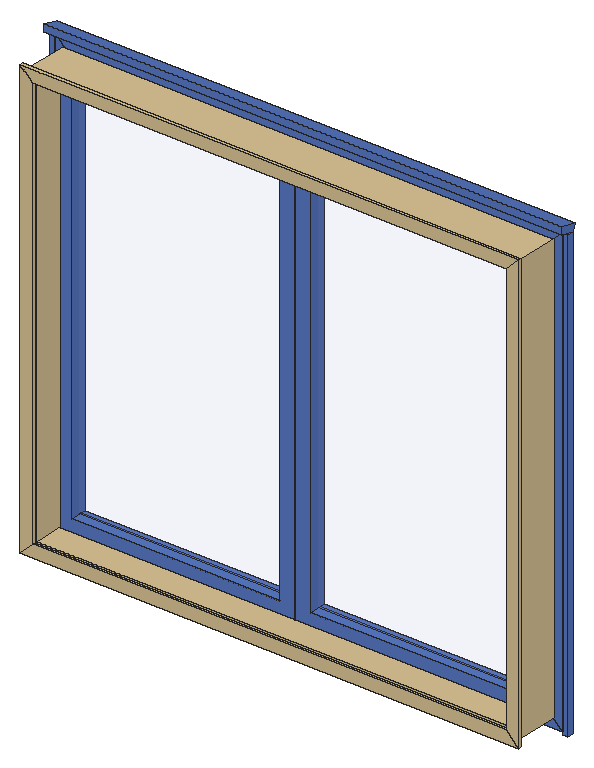
Revit family "GNW_A3-AW-11-Timber-Architrave-(NZ)", category Windows, host Wall, Revit 2016
Family settings
  Host = Wall
  Always vertical = Yes
  Cut with Voids When Loaded = No
  Shared = No
  Room Calculation Point = No
Parameters (values of type "1400 x 1600 Timber")
  Structural Tolerance = 5 mm
  Rough Width = Width + (2 * Structural Tolerance)  # 1610 mm
  Packer = 25 mm
  Operation = "DoublePanelVertical"
  Keynote = "45-13-006"
  JambRebate = 20 mm
  Height [instance] = 1400 mm
  Wall Closure = By host
  Width = 1600 mm
  CoverBd_Width = 45 mm
  CoverBd_Offset = 5 mm
  Construction Type = "Timber"
  Assembly Code = ""
Types (5, lengths in mm): name | Rough Width | Keynote | Height | Width
  1400 x 1200 Timber | 1210 | "45-13-005" | 1400 | 1200
  1200 x 1000 Timber | 1010 | "45-13-003" | 1200 | 1000
  1400 x 1600 Timber | 1610 | "45-13-006" | 1400 | 1600
  1200 x 1800 Timber | 1810 | "45-13-004" | 1200 | 1800
  1000 x 1200 Timber | 1210 | "45-13-002" | 1000 | 1200
Reference planes
  plane 1: y = 0
  plane 2 "Center (Left/Right)": x = 18.689
  plane 3 "Frame Left": x = -781.311
  plane 4 "Frame Right": x = 818.689
  plane 5 "Sill": z = 709.8
  plane 6 "Frame Head": z = 2109.8
  plane 7 "Exterior": y = 75
  plane 8 "Interior": y = -75
  plane 9: y = 20
  plane 10: z = 1949.8
  plane 11: y = -75
  plane 12 "Glassline": y = 50
  plane 13: y = 75
  plane 14: z = 2145
  plane 15 "JambRebate": z = 729.8
  plane 16: z = 724.8
  plane 17 "BottomOfScriber": z = 669.8
  plane 18 "Structural Tolerance L": x = -786.311
  plane 19 "Structural Tolerance R": x = 823.689
  plane 20 "Structural Tolerance T": z = 2114.8
  plane 21: x = -371.64
  plane 22: x = 409.019
  plane 23: x = -761.969
  plane 24: x = 799.348
  plane 25: y = 20
  plane 26: x = -811.311
  plane 27: x = 848.689
Forms (mm)
  Sweep 1, solid, detail levels medium+fine
    path origin (0, 75, 0) x (1, 0, 0) y (0, 0, 1)
      loop
        line (818.689, 709.8) -> (818.689, 2109.8) -> (-781.311, 2109.8) -> (-781.311, 709.8) -> (818.689, 709.8)
    profile origin (18.689, 75, 0) x (0, 0, -1) y (0, -1, 0)
      loop
        line (-709.141, 0) -> (-709.141, 150) -> (-741.141, 150) -> (-741.141, 55) -> (-729.141, 55) -> (-729.141, 0) -> (-709.141, 0)
  Sweep 2, solid, detail levels fine
    path origin (0, -75, 0) x (1, 0, 0) y (0, 0, 1)
      loop
        line (-749.969, 741.141) -> (787.348, 741.141) -> (787.348, 2078.458) -> (-749.969, 2078.458) -> (-749.969, 741.141)
    profile origin (18.689, -75, 0) x (0, 0, 1) y (0, -1, 0)
      loop
        line (736.141, 0) -> (736.141, 10) -> (696.141, 10) -> (696.141, 0) -> (736.141, 0)
  Extrusion 3, solid, detail levels medium+fine
    sketch origin (0, 75, 0) x (1, 0, 0) y (0, 0, 1)
      loop
        line (799.348, 729.141) -> (799.348, 2090.458) -> (18.689, 2090.458) -> (18.689, 729.141) -> (799.348, 729.141)
      loop
        line (749.348, 779.141) -> (749.348, 2040.458) -> (68.689, 2040.458) -> (68.689, 779.141) -> (749.348, 779.141)
    from 0 to 55
  Sweep 4, solid, detail levels medium+fine
    path origin (0, 75, 0) x (1, 0, 0) y (0, 0, 1)
      loop
        line (818.689, 709.8) -> (818.689, 2109.8) -> (-781.311, 2109.8) -> (-781.311, 709.8) -> (818.689, 709.8)
    profile origin (18.689, 75, 0) x (0, 0, -1) y (0, -1, 0)
      loop
        line (-679.8, 0) -> (-724.8, 0) -> (-724.8, -15) -> (-679.8, -15) -> (-679.8, 0)
  Sweep 5, solid, detail levels medium+fine
    path origin (0, 75, 0) x (1, 0, 0) y (0, 0, 1)
      loop
        line (863.689, 2139.8) -> (-826.311, 2139.8)
    profile origin (18.689, 0, 0) x (0, 0, -1) y (0, -1, 0)
      loop
        line (-2136.618, -96.876) -> (-2149.178, -50) -> (-2174.178, -50) -> (-2159.943, -103.126) -> (-2136.618, -96.876)
  Extrusion 6, solid, detail levels medium+fine
    sketch origin (0, 0, 669.8) x (0, 1, 0) y (-1, 0, 0)
      loop
        line (75, 811.311) -> (95, 811.311) -> (95, 826.311) -> (75, 826.311) -> (75, 811.311)
    from 0 to 1470
  Extrusion 7, solid, detail levels medium+fine
    sketch origin (0, 0, 669.8) x (0, 1, 0) y (-1, 0, 0)
      loop
        line (75, -848.689) -> (75, -863.689) -> (95, -863.689) -> (95, -848.689) -> (75, -848.689)
    from 0 to 1470
  Extrusion 8, solid, detail levels fine
    sketch origin (-480.659, 75, 0) x (1, 0, 0) y (0, 0, 1)
      loop
        line (449.348, 779.141) -> (449.348, 2040.458) -> (-231.311, 2040.458) -> (-231.311, 779.141) -> (449.348, 779.141)
    from 25 to 19
  Extrusion 9, solid, detail levels fine
    sketch origin (100, 95, 0) x (1, 0, 0) y (0, 0, 1)
      loop
        line (649.348, 779.141) -> (649.348, 2040.458) -> (-31.311, 2040.458) -> (-31.311, 779.141) -> (649.348, 779.141)
    from 45 to 39
  Extrusion 10, solid, detail levels medium+fine
    sketch origin (-480.659, 75, 0) x (1, 0, 0) y (0, 0, 1)
      loop
        line (499.348, 729.141) -> (499.348, 2090.458) -> (-281.311, 2090.458) -> (-281.311, 729.141) -> (499.348, 729.141)
      loop
        line (449.348, 779.141) -> (449.348, 2040.458) -> (-231.311, 2040.458) -> (-231.311, 779.141) -> (449.348, 779.141)
    from 0 to 55
Lines and regions (mm)
  Opening 1
    outline origin (3021.451, -75, 0) x (1, 0, 0) y (0, 0, 1)
      loop
        line (-2197.761, 709.8) -> (-2197.761, 2114.8) -> (-3807.761, 2114.8) -> (-3807.761, 709.8) -> (-2197.761, 709.8)
  symbolic lines, style "Elevation Swing"
    curve 1: line (-761.969, 0, 729.141) -> (-371.64, 0, 1949.8)
    curve 2: line (799.348, 0, 729.141) -> (409.019, 0, 1949.8)
    curve 6: line (18.689, 0, 729.141) -> (-371.64, 0, 1949.8)
    curve 7: line (18.689, 0, 729.141) -> (409.019, 0, 1949.8)
  symbolic lines, style "WindowsGlassProjection", detail levels coarse
    curve 3: line (-781.969, 20, 0) -> (819.348, 20, 0)
  symbolic lines, style "Elevation Swing", detail levels medium
    curve 4: line (409.019, 0, 1949.8) -> (18.689, 0, 729.141)
    curve 5: line (409.019, 0, 1949.8) -> (18.689, 0, 729.141)
  symbolic lines, style "Sash", detail levels coarse
    curve 8: line (-31.311, 75, 0) -> (-31.311, 20, 0)
  symbolic lines, style "Sash", detail levels coarse+medium
    curve 9: line (68.689, 75, 0) -> (68.689, 20, 0)
  symbolic lines, style "Sash", detail levels medium
    curve 10: line (-711.969, 50, 0) -> (-31.311, 50, 0)
    curve 11: line (68.689, 50, 0) -> (749.348, 50, 0)
  symbolic lines, style "WindowsFrameMullionProjection", detail levels coarse
    curve 12: line (819.348, 75, 0) -> (819.348, -75, 0)
    curve 13: line (-781.969, 75, 0) -> (-781.969, -75, 0)
Text (mm)
  text "EXTERIOR" at (-1478.469, 899.698, 0), in view "Ref. Level"
  text "INTERIOR" at (-1428.629, -408.222, 0), in view "Ref. Level"
  text "Exterior" at (0, 923.751, 2943.296), in view "Right"
  text "Exterior" at (0, 1040.484, 2685.409), in view "Left"
Dimensions and locks
  equal spacing: plane 3 "Frame Left", plane 2 "Center (Left/Right)", plane 4 "Frame Right"
  "Width": plane 3 "Frame Left" to plane 4 "Frame Right"
  "Height": plane 5 "Sill" to plane 6 "Frame Head"
  plane 5 "Sill" to level = 709.8 mm
  locked: plane 7 "Exterior" to host wall at 0
  locked: plane 8 "Interior" to host wall
  locked: plane 10 to plane 6 "Frame Head" at 160
  "CoverBd_Width": Sweep 4 to Sweep 4  (x2)
  "JambRebate": plane 5 "Sill" to plane 15 "JambRebate"
  "CoverBd_Offset": plane 16 to plane 15 "JambRebate"
  profile plane to plane 16 = 15 mm
  "CoverBd_Width": Sweep 4 to plane 16
  "Rough Width": plane 18 "Structural Tolerance L" to plane 19 "Structural Tolerance R"
  "Structural Tolerance": plane 6 "Frame Head" to plane 20 "Structural Tolerance T"
  locked: plane 3 "Frame Left" to plane 23 at 19.341
  locked: plane 24 to plane 4 "Frame Right" at 19.341
  equal spacing: plane 23, plane 21, plane 2 "Center (Left/Right)"
  equal spacing: plane 2 "Center (Left/Right)", plane 22, plane 24
  locked: plane 17 "BottomOfScriber" to plane 16 at 55
  locked: plane 25 to plane 7 "Exterior" at 55
  locked: plane 12 "Glassline" to plane 7 "Exterior" at 25
  locked: Extrusion 8 to plane 12 "Glassline" at 6
  locked: Extrusion 9 to Extrusion 9 at 6
  plane 6 "Frame Head" to plane 20 "Structural Tolerance T" = 5 mm
  "Structural Tolerance": plane 18 "Structural Tolerance L" to plane 3 "Frame Left"
  "Packer": plane 26 to plane 18 "Structural Tolerance L"
  "Packer": plane 19 "Structural Tolerance R" to plane 27
  aligned and locked: host wall to Sweep 1 sketch curve
  aligned and locked: plane 8 "Interior" to Sweep 1 sketch curve
  aligned and locked: plane 11 to host wall
  aligned and locked: Sweep 1 to Sweep 2 sketch curve  (x2)
  aligned and locked: Sweep 2 sketch curve to Sweep 1  (x3)
  aligned and locked: plane 13 to host wall
  aligned and locked: Sweep 1 sketch curve to Sweep 1 sketch curve
  aligned and locked: Sweep 1 to Extrusion 3 sketch curve
  aligned and locked: plane 16 to Sweep 4 sketch curve
  aligned and locked: Sweep 4 sketch curve to plane 5 "Sill"
  aligned and locked: Sweep 4 sketch curve to plane 3 "Frame Left"
  aligned and locked: Sweep 1 to curve 3  (x2)
  aligned and locked: Sweep 1 to plane 13  (x2)
  aligned and locked: Sweep 5 sketch curve to plane 12 "Glassline"
  aligned and locked: Sweep 5 sketch curve to Sweep 4
  aligned and locked: Extrusion 6 to Sweep 4
  aligned and locked: Sweep 4 to Extrusion 7
  aligned and locked: Extrusion 6 sketch curve to plane 13
  aligned and locked: plane 13 to Extrusion 7 sketch curve
  aligned and locked: plane 13 to Extrusion 3
  aligned and locked: plane 22 to curve 2
  aligned and locked: plane 21 to curve 1
  aligned and locked: curve 6 to Extrusion 3
  aligned and locked: Sweep 1 to curve 1
  aligned and locked: Sweep 1 to plane 25
  aligned and locked: Extrusion 3 to plane 25
  aligned and locked: plane 12 "Glassline" to Extrusion 8
  aligned and locked: Extrusion 9 to plane 12 "Glassline"
  aligned and locked: plane 25 to Extrusion 3
  aligned and locked: Opening 1 sketch curve to plane 18 "Structural Tolerance L"
  aligned and locked: Opening 1 sketch curve to plane 19 "Structural Tolerance R"
  aligned and locked: plane 20 "Structural Tolerance T" to Opening 1 sketch curve
  aligned and locked: Sweep 1 sketch curve to plane 3 "Frame Left"
  aligned and locked: plane 6 "Frame Head" to Sweep 1 sketch curve
  aligned and locked: plane 4 "Frame Right" to Sweep 1 sketch curve
  aligned and locked: curve 12 to Sweep 1
  aligned and locked: curve 13 to Sweep 1
  aligned and locked: curve 9 to Extrusion 3
Automatic sketch dimensions
  Opening 1 sketch curve to plane 5 "Sill" = 0 mm
  Sweep 1 sketch curve to plane 7 "Exterior" = 0 mm
  profile plane to Sweep 1 sketch curve = 31.341 mm
  profile plane to Sweep 1 sketch curve = 19.341 mm
  Sweep 1 sketch curve to profile plane = 0.659 mm
  plane 7 "Exterior" to Sweep 1 sketch curve = 55 mm
  profile plane to Sweep 2 sketch curve = 45 mm
  profile plane to Sweep 2 sketch curve = 5 mm
  Sweep 2 sketch curve to Sweep 2 sketch curve = 10 mm
  Sweep 4 sketch curve to plane 4 "Frame Right" = 0 mm
  Sweep 4 sketch curve to plane 6 "Frame Head" = 0 mm
  Sweep 4 sketch curve to plane 7 "Exterior" = 0 mm
  Sweep 4 sketch curve to profile plane = 30 mm
  Sweep 4 sketch curve to plane 7 "Exterior" = 15 mm
  profile plane to Sweep 5 sketch curve = 34.378 mm
  profile plane to Sweep 5 sketch curve = 20.143 mm
  profile plane to Sweep 5 sketch curve = 9.378 mm
  Sweep 5 sketch curve to profile plane = 3.182 mm
  plane 3 "Frame Left" to Sweep 5 sketch curve = 45 mm
  Sweep 5 sketch curve to plane 4 "Frame Right" = 45 mm
  host wall to Extrusion 6 sketch curve = 20 mm
  plane 3 "Frame Left" to Extrusion 6 sketch curve = 30 mm
  Extrusion 6 sketch curve to Extrusion 6 sketch curve = 15 mm
  host wall to Extrusion 7 sketch curve = 20 mm
  Extrusion 7 sketch curve to plane 4 "Frame Right" = 45 mm
  Extrusion 7 sketch curve to Extrusion 7 sketch curve = 15 mm
  Extrusion 3 sketch curve to plane 24 = 0 mm
  plane 2 "Center (Left/Right)" to Extrusion 3 sketch curve = 50 mm
  Extrusion 3 sketch curve to plane 24 = 50 mm
  Extrusion 3 sketch curve to plane 15 "JambRebate" = 49.341 mm
  plane 6 "Frame Head" to Extrusion 3 sketch curve = 69.341 mm
  plane 6 "Frame Head" to Extrusion 3 sketch curve = 19.341 mm
  Extrusion 3 sketch curve to plane 2 "Center (Left/Right)" = 0 mm
  plane 23 to Extrusion 8 sketch curve = 50 mm
  Extrusion 8 sketch curve to plane 2 "Center (Left/Right)" = 50 mm
  Extrusion 8 sketch curve to plane 15 "JambRebate" = 49.341 mm
  plane 6 "Frame Head" to Extrusion 8 sketch curve = 69.341 mm
  curve 5 to plane 10 = 0 mm
  curve 1 to plane 10 = 0 mm
  curve 2 to plane 24 = 0 mm
  curve 1 to plane 23 = 0 mm
  plane 15 "JambRebate" to curve 5 = 0.659 mm
  plane 15 "JambRebate" to curve 2 = 0.659 mm
  plane 2 "Center (Left/Right)" to Extrusion 9 sketch curve = 50 mm
  Extrusion 9 sketch curve to plane 24 = 50 mm
  Extrusion 9 sketch curve to plane 15 "JambRebate" = 49.341 mm
  plane 6 "Frame Head" to Extrusion 9 sketch curve = 69.341 mm
  curve 13 to host wall = 0 mm  (x2)
  curve 12 to host wall = 0 mm  (x2)
  Extrusion 10 sketch curve to plane 23 = 0 mm
  Extrusion 10 sketch curve to plane 2 "Center (Left/Right)" = 0 mm
  plane 23 to Extrusion 10 sketch curve = 50 mm
  Extrusion 10 sketch curve to plane 2 "Center (Left/Right)" = 50 mm
  plane 15 "JambRebate" to Extrusion 10 sketch curve = 0.659 mm
  Extrusion 10 sketch curve to plane 15 "JambRebate" = 49.341 mm
  plane 6 "Frame Head" to Extrusion 10 sketch curve = 69.341 mm
  plane 6 "Frame Head" to Extrusion 10 sketch curve = 19.341 mm
  curve 10 to plane 12 "Glassline" = 0 mm
  curve 8 to plane 9 = 0 mm
  curve 8 to host wall = 0 mm
  curve 11 to plane 12 "Glassline" = 0 mm
  curve 9 to host wall = 0 mm
  plane 23 to curve 10 = 50 mm
  curve 8 to plane 2 "Center (Left/Right)" = 50 mm
  curve 11 to plane 24 = 50 mm
